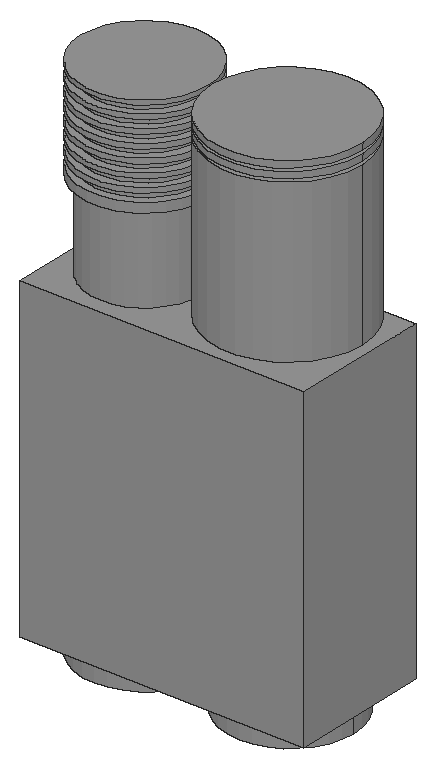
Revit family "AM 1200 Roofcap", category Mechanical Equipment, Revit 2019
Family settings
  Round Connector Dimension = Use Diameter
  Part Type = Normal
  OmniClass Number = 23.75.00.00
  OmniClass Title = Climate Control (HVAC)
  Work Plane-Based = No
  Always vertical = Yes
  Cut with Voids When Loaded = No
  Shared = No
  Room Calculation Point = No
Parameters
  URL = "https://www.airmaster-as.com/en/products/accessories/roof-caps-and-covers/"
  Model = "Roofcap"
  Manufacturer = "Airmaster A/S"
  Description = "Roofcap for AM 1200 Vertical"
Reference planes
  plane 1 "Center (Front/Back)": y = 0
  plane 2: z = 0
  plane 3 "Center (Left/Right)": x = 0
Forms (mm)
  Extrusion 1, solid, material "Galv. Steel"
    sketch origin (0, 0, 0) x (1, 0, 0) y (0, 1, 0)
      loop
        line (-444.5, -219.5) -> (444.5, -219.5) -> (444.5, 219.5) -> (-444.5, 219.5) -> (-444.5, -219.5)
    from 0 to 1000
  Extrusion 2, solid, material "Galv. Steel"
    sketch origin (0, 0, 0) x (1, 0, 0) y (0, 1, 0)
      loop
        circle (-227.5, 0) r 200
    from 0 to -62.5
  Extrusion 3, solid, material "Galv. Steel"
    sketch origin (418, 0, 0) x (1, 0, 0) y (0, 1, 0)
      loop
        circle (-190.5, 0) r 200
    from 0 to -62.5
  Extrusion 4, solid, material "Galv. Steel"
    sketch origin (0, 0, 1000) x (1, 0, 0) y (0, 1, 0)
      loop
        circle (-230.755, 2.75) r 200
    from 598 to 0
  Extrusion 5, solid, material "Galv. Steel"
    sketch origin (0, 0, 1000) x (1, 0, 0) y (0, 1, 0)
      loop
        circle (219.245, 0.25) r 235
    from 607 to 0
  Extrusion 6, void
    sketch origin (0, 0, 1598) x (0, 1, 0) y (1, 0, 0)
      loop
        circle (2.75, -230.755) r 200
      loop
        circle (2.75, -230.755) r 175
    from 13.072 to 38.572
  Extrusion 7, void
    sketch origin (0, 0, 1556.5) x (0, 1, 0) y (1, 0, 0)
      loop
        circle (2.75, -230.755) r 200
      loop
        circle (2.75, -230.755) r 175
    from 13.072 to 38.572
  Extrusion 8, void
    sketch origin (0, 0, 1515) x (0, 1, 0) y (1, 0, 0)
      loop
        circle (2.75, -230.755) r 200
      loop
        circle (2.75, -230.755) r 175
    from 13.072 to 38.572
  Extrusion 9, void
    sketch origin (0, 0, 1473.5) x (0, 1, 0) y (1, 0, 0)
      loop
        circle (2.75, -230.755) r 200
      loop
        circle (2.75, -230.755) r 175
    from 13.072 to 38.572
  Extrusion 10, void
    sketch origin (0, 0, 1432) x (0, 1, 0) y (1, 0, 0)
      loop
        circle (2.75, -230.755) r 200
      loop
        circle (2.75, -230.755) r 175
    from 13.072 to 38.572
  Extrusion 11, void
    sketch origin (0, 0, 1390.5) x (0, 1, 0) y (1, 0, 0)
      loop
        circle (2.75, -230.755) r 200
      loop
        circle (2.75, -230.755) r 175
    from 13.072 to 38.572
  Extrusion 12, void
    sketch origin (0, 0, 1349) x (0, 1, 0) y (1, 0, 0)
      loop
        circle (2.75, -230.755) r 200
      loop
        circle (2.75, -230.755) r 175
    from 13.072 to 38.572
  Extrusion 13, void
    sketch origin (0, 0, 1293.5) x (0, 1, 0) y (1, 0, 0)
      loop
        circle (2.75, -230.755) r 200
      loop
        circle (2.75, -230.755) r 175
    from 13.072 to 293.5
  Extrusion 14, void
    sketch origin (450, 0, 1607) x (0, 1, 0) y (1, 0, 0)
      loop
        circle (0.25, -230.755) r 235
      loop
        circle (0.25, -230.755) r 210
    from 20.75 to 30.75
  Extrusion 15, void
    sketch origin (450, 0, 1577) x (0, 1, 0) y (1, 0, 0)
      loop
        circle (0.25, -230.755) r 235
      loop
        circle (0.25, -230.755) r 210
    from 20.75 to 30.75
  Extrusion 16, void
    sketch origin (450, 0, 1061) x (0, 1, 0) y (1, 0, 0)
      loop
        circle (0.25, -230.755) r 235
      loop
        circle (0.25, -230.755) r 158.5
    from 20.75 to 61
Cuts and joins
  Extrusion 6, Extrusion 7, Extrusion 8, Extrusion 9, Extrusion 10, Extrusion 11, Extrusion 12, Extrusion 13, Extrusion 14 cuts Extrusion 4
  Extrusion 14, Extrusion 15, Extrusion 16 cuts Extrusion 5
Dimensions and locks
  Extrusion 1 to Extrusion 2 sketch curve = 217 mm
  equal spacing: Extrusion 1, plane 3 "Center (Left/Right)", Extrusion 1
  Extrusion 3 sketch curve to Extrusion 1 = 217 mm
  locked: Extrusion 1 sketch curve to Extrusion 1 sketch curve at 439
  equal spacing: Extrusion 1 sketch curve, plane 1 "Center (Front/Back)", Extrusion 1 sketch curve
  locked: Extrusion 1 sketch curve to Extrusion 1 sketch curve at 889
  equal spacing: Extrusion 1 sketch curve, plane 3 "Center (Left/Right)", Extrusion 1 sketch curve
  aligned and locked: level to plane 2
Automatic sketch dimensions
  Extrusion 1 sketch curve to plane 3 "Center (Left/Right)" = 444.5 mm
  plane 1 "Center (Front/Back)" to Extrusion 2 sketch curve = 0 mm
  plane 1 "Center (Front/Back)" to Extrusion 3 sketch curve = 0 mm
  Extrusion 4 sketch curve to Extrusion 1 = 213.745 mm
  Extrusion 4 sketch curve to Extrusion 1 = 216.75 mm
  Extrusion 5 sketch curve to Extrusion 1 = 225.255 mm
  Extrusion 5 sketch curve to Extrusion 1 = 219.25 mm
  Extrusion 7 sketch curve to Extrusion 7 sketch curve = 0 mm  (x12)
  Extrusion 7 sketch curve to plane 1 "Center (Front/Back)" = 2.75 mm
  Extrusion 7 sketch curve to plane 3 "Center (Left/Right)" = 230.755 mm
  Extrusion 7 sketch curve to plane 3 "Center (Left/Right)" = 55.755 mm
  Extrusion 7 sketch curve to Extrusion 7 sketch curve = 25 mm
  Extrusion 8 sketch curve to Extrusion 8 sketch curve = 0 mm  (x12)
  Extrusion 8 sketch curve to plane 1 "Center (Front/Back)" = 2.75 mm
  Extrusion 8 sketch curve to plane 3 "Center (Left/Right)" = 230.755 mm
  Extrusion 8 sketch curve to plane 3 "Center (Left/Right)" = 55.755 mm
  Extrusion 8 sketch curve to Extrusion 8 sketch curve = 25 mm
  Extrusion 9 sketch curve to Extrusion 9 sketch curve = 0 mm  (x12)
  Extrusion 9 sketch curve to plane 1 "Center (Front/Back)" = 2.75 mm
  Extrusion 9 sketch curve to plane 3 "Center (Left/Right)" = 230.755 mm
  Extrusion 9 sketch curve to plane 3 "Center (Left/Right)" = 55.755 mm
  Extrusion 9 sketch curve to Extrusion 9 sketch curve = 25 mm
  Extrusion 10 sketch curve to Extrusion 10 sketch curve = 0 mm  (x12)
  Extrusion 10 sketch curve to plane 1 "Center (Front/Back)" = 2.75 mm
  Extrusion 10 sketch curve to plane 3 "Center (Left/Right)" = 230.755 mm
  Extrusion 10 sketch curve to plane 3 "Center (Left/Right)" = 55.755 mm
  Extrusion 10 sketch curve to Extrusion 10 sketch curve = 25 mm
  Extrusion 11 sketch curve to Extrusion 11 sketch curve = 0 mm  (x12)
  Extrusion 11 sketch curve to plane 1 "Center (Front/Back)" = 2.75 mm
  Extrusion 11 sketch curve to plane 3 "Center (Left/Right)" = 230.755 mm
  Extrusion 11 sketch curve to plane 3 "Center (Left/Right)" = 55.755 mm
  Extrusion 11 sketch curve to Extrusion 11 sketch curve = 25 mm
  Extrusion 12 sketch curve to Extrusion 12 sketch curve = 0 mm  (x12)
  Extrusion 12 sketch curve to plane 1 "Center (Front/Back)" = 2.75 mm
  Extrusion 12 sketch curve to plane 3 "Center (Left/Right)" = 230.755 mm
  Extrusion 12 sketch curve to plane 3 "Center (Left/Right)" = 55.755 mm
  Extrusion 12 sketch curve to Extrusion 12 sketch curve = 25 mm
  Extrusion 13 sketch curve to Extrusion 13 sketch curve = 0 mm  (x12)
  Extrusion 13 sketch curve to plane 1 "Center (Front/Back)" = 2.75 mm
  Extrusion 13 sketch curve to plane 3 "Center (Left/Right)" = 230.755 mm
  Extrusion 13 sketch curve to plane 3 "Center (Left/Right)" = 55.755 mm
  Extrusion 13 sketch curve to Extrusion 13 sketch curve = 25 mm
  Extrusion 14 sketch curve to Extrusion 14 sketch curve = 0 mm  (x12)
  Extrusion 14 sketch curve to plane 1 "Center (Front/Back)" = 0.25 mm
  plane 3 "Center (Left/Right)" to Extrusion 14 sketch curve = 219.245 mm
  Extrusion 14 sketch curve to Extrusion 14 sketch curve = 210 mm
  Extrusion 14 sketch curve to Extrusion 14 sketch curve = 25 mm
  Extrusion 15 sketch curve to Extrusion 15 sketch curve = 0 mm  (x12)
  Extrusion 15 sketch curve to plane 1 "Center (Front/Back)" = 0.25 mm
  plane 3 "Center (Left/Right)" to Extrusion 15 sketch curve = 219.245 mm
  Extrusion 15 sketch curve to Extrusion 15 sketch curve = 210 mm
  Extrusion 15 sketch curve to Extrusion 15 sketch curve = 25 mm
  Extrusion 16 sketch curve to Extrusion 16 sketch curve = 0 mm  (x12)
  Extrusion 16 sketch curve to plane 1 "Center (Front/Back)" = 0.25 mm
  plane 3 "Center (Left/Right)" to Extrusion 16 sketch curve = 219.245 mm
  Extrusion 16 sketch curve to Extrusion 16 sketch curve = 158.5 mm
  Extrusion 16 sketch curve to Extrusion 16 sketch curve = 76.5 mm
  radius of Extrusion 2 sketch curve = 200 mm
  radius of Extrusion 3 sketch curve = 200 mm
  radius of Extrusion 4 sketch curve = 200 mm
  radius of Extrusion 5 sketch curve = 235 mm
  radius of Extrusion 6 sketch curve to Extrusion 4 = 0 mm
  radius of Extrusion 6 sketch curve to Extrusion 4 = 25 mm
Connectors
  hvac at (-227.5, 0, 0)
    settings: on Extrusion 2, index 1, duct flow 0.0 L/s, flow factor 0, pres drop 0.0 Pa, loss coef 0, conn angle 0.00°, conn width 304.8 mm, conn height 304.8 mm, conn diameter 400 mm, duct sys type 3, conn prof type 0, flow config 0, flow direction 1, loss method 0, conn ref index -1, conn util no, is conn primary yes, conn desc ""
  hvac at (227.5, 0, 0)
    settings: on Extrusion 3, index 2, duct flow 0.0 L/s, flow factor 0, pres drop 0.0 Pa, loss coef 0, conn angle 0.00°, conn width 304.8 mm, conn height 304.8 mm, conn diameter 400 mm, duct sys type 1, conn prof type 0, flow config 0, flow direction 1, loss method 0, conn ref index -1, conn util no, is conn primary no, conn desc ""
